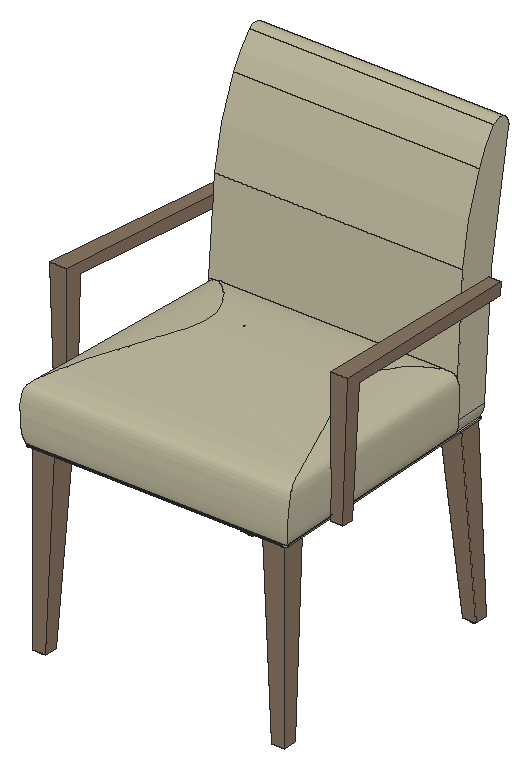
Revit family
Parameters
  URL = "http://www.martinbrattrud.com"
  SCS Certified Product = "Yes"
  Model = "Prince 1010-01"
  Manufacturer = "Martin Brattrud, Inc."
  Leg [instance] = none
  Keynote = "125000"
  Foot [instance] = none
  Copyright = "© 2013 Martin Brattrud, Inc."
  Chair [instance] = none
  Authoring Version = "Revit Architecture 2010"
  Assembly Code = "E2020200"
Reference planes (in)
  plane 1 "Center Front/Back": y = 0
  plane 2: z = 0
  plane 3 "Center Left/Right": x = 0
Forms (in)
  Revolve 1, solid, material <- "Leg"
    sketch origin (-9.59974, -10.3633, 48) x (0, -1, 0) y (0, 0, -1)
      loop
        arc (-0.50027, 48) -> (-0.67687, 47.92668) -> (-0.75, 47.75) r 0.25
        line (-0.75, 47.75) -> (-0.375, 47.75) -> (-0.375, 48) -> (-0.50027, 48)
      axis (-0.375, 48) -> (-0.375, 47.75)
    angle from 0 to 360
  Extrusion 2, solid, material <- "Leg"
    sketch origin (0, 0, 0) x (0, 1, 0) y (0, 0, 1)
      loop
        line (-6.5, 15.01306) -> (-5.62504, 15.01306) -> (-5.25, 24.85416)
        arc (-5.25, 24.85416) -> (2.43091, 24.69545) -> (10.08255, 24.00696) r 111.23798
        line (10.08255, 24.00696) -> (10.18346, 24.99526)
        arc (10.18346, 24.99526) -> (1.8524, 25.60855) -> (-6.5, 25.75) r 147.74328
        line (-6.5, 25.75) -> (-6.5, 15.01306)
    from -12 to 12
  Extrusion 3, void
    sketch origin (0, 0, 0) x (1, 0, 0) y (0, 1, 0)
      loop
        line (-9.89233, 10.75) -> (-10.63907, -8.35349) -> (10.63907, -8.35349) -> (9.89233, 10.75) -> (-9.89233, 10.75)
    from 13.89438 to 26.73443
  Blend 4, solid, material <- "Leg"
    base sketch origin (-0.23871, 2.3019, 0) x (1, 0, 0) y (0, 1, 0)
      loop
        line (-9.85506, -12.8019) -> (-8.85506, -12.8019) -> (-8.85506, -11.8019) -> (-9.85506, -11.8019) -> (-9.85506, -12.8019)
    top sketch origin (-0.23871, 2.3019, 0) x (1, 0, 0) y (0, 1, 0)
      loop
        line (-9.85506, -12.8019) -> (-8.10506, -12.8019) -> (-8.10506, -11.0519) -> (-9.85506, -11.0519) -> (-9.85506, -12.8019)
    from 0.25 to 15.01306
  Revolve 5, solid, material <- "Leg"
    sketch origin (9.59974, -10.3633, 48) x (0, -1, 0) y (0, 0, 1)
      loop
        line (-0.50027, -48) -> (-0.375, -48) -> (-0.375, -47.75) -> (-0.75, -47.75)
        arc (-0.75, -47.75) -> (-0.67687, -47.92668) -> (-0.50027, -48) r 0.25
      axis (-0.375, -48) -> (-0.375, -47.75)
    angle from 0 to 360
  Blend 6, solid, material <- "Leg"
    base sketch origin (0.23871, 2.3019, 0) x (-1, 0, 0) y (0, -1, 0)
      loop
        line (-9.85506, 12.8019) -> (-9.85506, 11.8019) -> (-8.85506, 11.8019) -> (-8.85506, 12.8019) -> (-9.85506, 12.8019)
    top sketch origin (0.23871, 2.3019, 0) x (-1, 0, 0) y (0, -1, 0)
      loop
        line (-9.85506, 12.8019) -> (-9.85506, 11.0519) -> (-8.10506, 11.0519) -> (-8.10506, 12.8019) -> (-9.85506, 12.8019)
    from 0.25 to 15.01306
  Revolve 7, solid, material <- "Leg"
    sketch origin (-8.91228, 10.3633, 48) x (0, 1, 0) y (0, 0, 1)
      loop
        line (-0.50027, -48) -> (-0.375, -48) -> (-0.375, -47.75) -> (-0.75, -47.75)
        arc (-0.75, -47.75) -> (-0.67687, -47.92668) -> (-0.50027, -48) r 0.25
      axis (-0.375, -48) -> (-0.375, -47.75)
    angle from 0 to 360
  Blend 8, solid, material <- "Leg"
    base sketch origin (0.44875, -2.3019, 0) x (1, 0, 0) y (0, 1, 0)
      loop
        line (-9.85506, 12.8019) -> (-9.85506, 11.8019) -> (-8.85506, 11.8019) -> (-8.85506, 12.8019) -> (-9.85506, 12.8019)
    top sketch origin (0.44875, -2.3019, 0) x (1, 0, 0) y (0, 1, 0)
      loop
        line (-9.85506, 12.0519) -> (-9.85506, 10.3019) -> (-8.10506, 10.3019) -> (-8.10506, 12.0519) -> (-9.85506, 12.0519)
    from 0.25 to 15.01306
  Revolve 9, solid, material <- "Leg"
    sketch origin (8.91228, 10.3633, 48) x (0, 1, 0) y (0, 0, -1)
      loop
        arc (-0.50027, 48) -> (-0.67687, 47.92668) -> (-0.75, 47.75) r 0.25
        line (-0.75, 47.75) -> (-0.375, 47.75) -> (-0.375, 48) -> (-0.50027, 48)
      axis (-0.375, 48) -> (-0.375, 47.75)
    angle from 0 to 360
  Blend 10, solid, material <- "Leg"
    base sketch origin (-0.44875, -2.3019, 0) x (-1, 0, 0) y (0, -1, 0)
      loop
        line (-9.85506, -12.8019) -> (-8.85506, -12.8019) -> (-8.85506, -11.8019) -> (-9.85506, -11.8019) -> (-9.85506, -12.8019)
    top sketch origin (-0.44875, -2.3019, 0) x (-1, 0, 0) y (0, -1, 0)
      loop
        line (-9.85506, -12.0519) -> (-8.10506, -12.0519) -> (-8.10506, -10.3019) -> (-9.85506, -10.3019) -> (-9.85506, -12.0519)
    from 0.25 to 15.01306
  Extrusion 11, void
    sketch origin (0.23783, -0.80591, 0) x (0.998121, -0.061279, 0) y (0, 0, 1)
      loop
        line (-14.75335, 26.94473) -> (-14.75335, 13.69473) -> (-11.4124, 13.69473) -> (-11.89259, 26.94473) -> (-14.75335, 26.94473)
    from -10.90693 to 7.24025
  Extrusion 12, void
    sketch origin (-0.23783, -0.80591, 0) x (-0.998121, -0.061279, 0) y (0, 0, -1)
      loop
        line (-14.75335, -26.94473) -> (-11.89259, -26.94473) -> (-11.4124, -13.69473) -> (-14.75335, -13.69473) -> (-14.75335, -26.94473)
    from -10.90693 to 7.24025
  Extrusion 13, solid, material <- "Chair"
    sketch origin (0, 0, 0) x (0, 1, 0) y (0, 0, 1)
      loop
        line (7.0059, 15.01306) -> (7.0059, 19.34446)
        spline (7.0059, 19.34446) -> (6.00213, 19.75431) -> (3.55728, 19.91355) -> (0.521, 19.91903) -> (-2.31561, 19.86153) -> (-4.69942, 19.7757) -> (-6.66666, 19.66602) -> (-8.25637, 19.53665) -> (-9.49463, 19.37572) -> (-10.3642, 19.1174) -> (-10.84804, 18.4539) -> (-10.95337, 16.52991) -> (-10.67744, 15.01306)
        line (-10.67744, 15.01306) -> (7.0059, 15.01306)
    from -12 to 12
  Extrusion 14, void
    sketch origin (0.29662, -0.41226, 0) x (0.999237, -0.03906, 0) y (0, 0, 1)
      loop
        line (-13.38991, 20.96391) -> (-13.38991, 14.39629) -> (-10.13991, 14.39629) -> (-10.13991, 15.01306)
        spline (-10.13991, 15.01306) -> (-10.47778, 15.3864) -> (-10.58215, 16.20865) -> (-10.627, 17.06285) -> (-10.66025, 17.79708) -> (-10.6635, 18.39879) -> (-10.60089, 18.8654) -> (-10.39119, 19.21778) -> (-9.94557, 19.48071) -> (-9.17974, 19.67816) -> (-8.06942, 19.82342) -> (-6.63303, 19.92217) -> (-4.88991, 19.97994)
        line (-4.88991, 19.97994) -> (-4.88991, 20.96391) -> (-13.38991, 20.96391)
    from -8.39425 to 12
  Extrusion 15, void
    sketch origin (-0.29662, -0.41226, 0) x (-0.999237, -0.03906, 0) y (0, 0, -1)
      loop
        line (-13.38991, -20.96391) -> (-4.88991, -20.96391) -> (-4.88991, -19.97994)
        spline (-4.88991, -19.97994) -> (-6.63303, -19.92217) -> (-8.06942, -19.82342) -> (-9.17974, -19.67816) -> (-9.94557, -19.48071) -> (-10.39119, -19.21778) -> (-10.60089, -18.8654) -> (-10.6635, -18.39879) -> (-10.66025, -17.79708) -> (-10.627, -17.06285) -> (-10.58215, -16.20865) -> (-10.47778, -15.3864) -> (-10.13991, -15.01306)
        line (-10.13991, -15.01306) -> (-10.13991, -14.39629) -> (-13.38991, -14.39629) -> (-13.38991, -20.96391)
    from -14.03182 to 12
  Extrusion 16, solid, material <- "Chair"
    sketch origin (0, 0, 0) x (0, 1, 0) y (0, 0, 1)
      loop
        arc (9.75, 15.01306) -> (10.39476, 24.99905) -> (12.31834, 34.8192) r 77.65342
        arc (12.31834, 34.8192) -> (11.89115, 35.79052) -> (10.84875, 35.59216) r 0.85196
        arc (10.84875, 35.59216) -> (9.99758, 34.43285) -> (9.33482, 33.15643) r 9.32465
        arc (9.33482, 33.15643) -> (8.22486, 29.98873) -> (7.53288, 26.70431) r 25.96111
        arc (7.53288, 26.70431) -> (7.13781, 23.0338) -> (7.0059, 19.34446) r 51.65794
        line (7.0059, 19.34446) -> (7.0059, 15.01306) -> (9.75, 15.01306)
    from -10.4375 to 10.4375
  Sweep 17, solid, material <- "Chair"
    path origin (0, 0, 0) x (1, 0, 0) y (0, 1, 0)
      loop
        line (-10.22639, -10.7147) -> (10.22639, -10.7147)
        arc (10.22639, -10.7147) -> (10.31649, -10.67635) -> (10.35129, -10.58482) r 0.125
        line (10.35129, -10.58482) -> (9.56111, 9.62989)
        arc (9.56111, 9.62989) -> (9.52285, 9.7151) -> (9.43621, 9.75) r 0.125
        line (9.43621, 9.75) -> (-9.43621, 9.75)
        arc (-9.43621, 9.75) -> (-9.52285, 9.7151) -> (-9.56111, 9.62989) r 0.125
        line (-9.56111, 9.62989) -> (-10.35129, -10.58482)
        arc (-10.35129, -10.58482) -> (-10.31649, -10.67635) -> (-10.22639, -10.7147) r 0.125
    profile origin (0, -10.7147, 0) x (0, 1, 0) y (0, 0, 1)
      loop
        circle (0, 14.96875) r 0.09375
  Extrusion 18, void
    sketch origin (-0.01564, -0.40006, 0) x (0.999237, -0.03906, 0) y (0, 0, 1)
      loop
        line (-14.99222, 38.14619) -> (-14.99222, 14.76306) -> (-9.56351, 14.76306)
        arc (-9.56351, 14.76306) -> (-10.0621, 15.32067) -> (-10.24222, 16.04666) r 1.55315
        line (-10.24222, 16.04666) -> (-10.24222, 38.14619) -> (-14.99222, 38.14619)
    from -13.79511 to -6.02697
  Extrusion 19, void
    sketch origin (0.01564, -0.40006, 0) x (-0.999237, -0.03906, 0) y (0, 0, -1)
      loop
        line (-14.99222, -38.14619) -> (-10.24222, -38.14619) -> (-10.24222, -16.04666)
        arc (-10.24222, -16.04666) -> (-10.0621, -15.32067) -> (-9.56351, -14.76306) r 1.55315
        line (-9.56351, -14.76306) -> (-14.99222, -14.76306) -> (-14.99222, -38.14619)
    from -13.79511 to -6.02697
Cuts and joins
  Extrusion 3, Extrusion 11, Extrusion 12 cuts Extrusion 2
  Extrusion 14 cuts Blend 4
  Extrusion 14 cuts Blend 8
  Extrusion 14, Extrusion 15 cuts Extrusion 13
  Extrusion 15 cuts Blend 6
  Extrusion 15 cuts Blend 10
  Extrusion 18, Extrusion 19 cuts Extrusion 16
